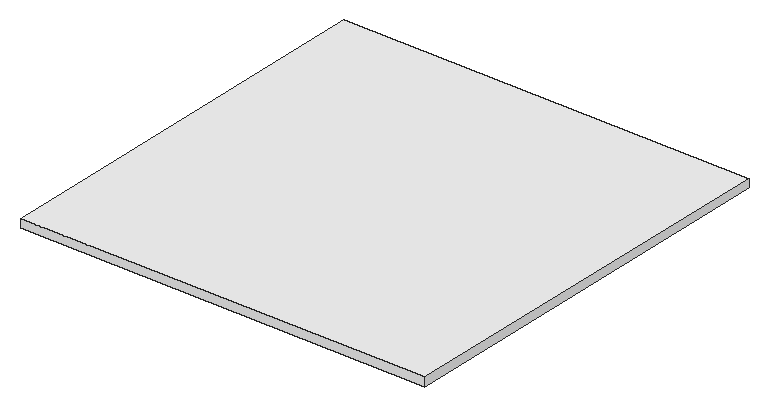
Revit family "Wall_Ceiling-Panel-Armstrong-Tectum-Sq-Direct-Attach-8180", category Specialty Equipment, host Face, Revit 2012
Parameters (values of type "Direct-Attach-Wall and Ceiling panel_Tectum")
  Wt Per Item = 0.90 lbf
  Width [instance] = 4' - 0"
  Watts Insulation Value = 0 W
  Washable = yes
  URL = "http://www.armstrongceilings.com/"
  Thickness = 0' - 1"  # constant formula
  Texture = "Coarse"  # constant formula
  Sustain = yes
  Surface Finish = "Factory-applied latex paint with Silicate surface coating"  # constant formula
  Soil Resistant = yes
  Seismic Tested = yes
  Scrubbable = yes
  Scratch Resistant = yes
  Score Pattern = "N/A"  # constant formula
  Sabin = "N/A"  # constant formula
  Revit Object Download Link = "http://library.smartbim.com/download/Wall_Ceiling-Panel-Armstrong-Tectum-Sq-Direct-Attach-8180"
  Recycle Content = "Not Published"  # constant formula
  Rec Suspension System = "N/A"  # constant formula
  Product Page URL = "https://www.armstrongceilings.com/commercial/en-us/articles/tectum-part-of-armstrong-portfolio.html"
  Panel = Tectum - Direct Attach Ceiling Panel - 8180 - Natural
  Pcs Pallet = "72 PCS/PALLET"  # constant formula
  NRC = "d"  # constant formula
  Mold Mildew Resistance = "BioBlock "  # constant formula
  Model = "8180"  # constant formula
  Material Process = "Not Published"  # constant formula
  Material = "Cementitious Wood Fiber"  # constant formula
  Manufacturer Toll Free Phone = "1 877-276-7876"  # constant formula
  Manufacturer Phone = "1 717-397-0611"  # constant formula
  Manufacturer Fax = "1 800-572-TECH"  # constant formula
  Manufacturer Email = "mailto:bpotechline@armstrong.com"
  Manufacturer Address = "2500 Columbia Ave. (17603), P.O. Box 3001, Lancaster, PA 1760"  # constant formula
  Manufacturer = "Armstrong Ceilings"  # constant formula
  Light Reflectance = 0.86
  Installation Method = "N/A"  # constant formula
  Impact Resistant = yes
  Humidity Resistance = "Humiguard Plus"  # constant formula
  Height [instance] = 4' - 0"
  Fire Performance = "Class A"
  Downward Accessible = no
  Description = "Ceiling/Wall Panel"  # constant formula
  Default Elevation = 4' - 0"
  Color Finish = "White TWH; Natural TNA"  # constant formula
  Color Code = "Included With Color Name"  # constant formula
  Cert  Low Voc Emissions = "Yes"
  Ceililing Recycle Prgm = no
  CAC = "N/A"  # constant formula
  BTU Insulation Value = 0
  Assembly Code = "C3030220"
  ASTM Value = "N/A"  # constant formula
  ASTM Pattern = "N/A"  # constant formula
  ASTM Form = "N/A"  # constant formula
  AC = "N/A"  # constant formula
  95 CSI = "09800"  # constant formula
  10 Yr Availability = no
  04 CSI = "09 84 00"  # constant formula
Reference planes (in)
  plane 1 "Center (Front/Back)": y = 0
  plane 2: z = 0
  plane 3 "Center (Left/Right)": x = 0
  plane 4: x = -24
  plane 5: x = 24
  plane 6: y = 48
  plane 7: y = 0
  plane 8: y = 24
Forms (in)
  Extrusion 1, solid, material "Tectum - Direct Attach Ceiling Panel - 8180 - Natural" <- "Panel"
    sketch origin (0, 0, 0) x (1, 0, 0) y (0, 1, 0)
      loop
        line (-24, 48) -> (-24, 0) -> (24, 0) -> (24, 48) -> (-24, 48)
    from 0 to 1
Dimensions and locks (in)
  equal spacing: plane 4, plane 3 "Center (Left/Right)", plane 5
  "Width": plane 4 to plane 5
  equal spacing: plane 6, plane 8, plane 7
  "Height": plane 6 to plane 7
  "Thickness": Extrusion 1 to level
  aligned and locked: plane 2 to host face
  aligned and locked: level to host face
  aligned and locked: Extrusion 1 sketch curve to plane 6
  aligned and locked: plane 7 to Extrusion 1 sketch curve
  aligned and locked: plane 4 to Extrusion 1 sketch curve
  aligned and locked: Extrusion 1 sketch curve to plane 5
  aligned and locked: plane 7 to plane 1 "Center (Front/Back)"
Automatic sketch dimensions
  host sketch curve to host sketch curve = 8' - 0"  (x2)
